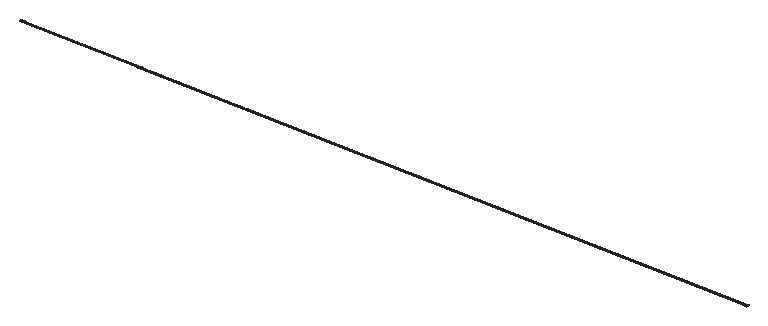
Revit family "0068172", category Lighting Fixtures, host Face, Revit 2017
Family settings
  Host = Face
  Round Connector Dimension = Use Diameter
  Part Type = Normal
  OmniClass Number = 23.80.70.00
  OmniClass Title = Lighting
  Cut with Voids When Loaded = No
  Light Source = Yes
  Shared = No
  Room Calculation Point = No
Parameters (values of type "0068172 FLEX PRO IP65 2250LM 930")
  Weight = "4.0 kg"
  Wattage Comments = ""
  Wattage = 24 W
  WarrantyStartDate [instance] = "n/a"
  WarrantyGuarantorParts = "n/a"
  WarrantyDurationUnit = "n/a"
  WarrantyDurationParts = "n/a"
  WarrantyDescription = "n/a"
  built-in parameter 1150110 = 1 (stored number, unit not read)
  Voltage = 0 V
  URL = "http://www.sylvania-lighting.com"
  TypeName = "Flex Pro IP65 2250lm 930"
  Type Image = <None>
  Type Comments = "n/a"
  built-in parameter 1114217 = 1 (stored number, unit not read)
  Tilt Angle = -90.00°
  built-in parameter 1150109 = 1 (stored number, unit not read)
  built-in parameter 1150134 = (empty or 0)
  built-in parameter 1150113 = 1 (stored number, unit not read)
  SerialNumber [instance] = "n/a"
  Photometric Web File = "0068172.ies"
  PHOTOMETRY3_SYL = 0 mm
  PHOTOMETRY2_SYL = LUM_WIDTH_SYL  # 4 mm
  PHOTOMETRY1_SYL = LUM_LENGHT_SYL / 2  # 2505 mm
  Material_3_SYL = Default New Material(1)
  PowerFactor = 0
  PowerConsumption = "24 W"
  NominalLength = 5000 mm
  NominalHeight = 4 mm
  NominalDepth = 10 mm
  Name = "Flex Pro IP65 2250lm 930"
  ModelReference = Name  # "Flex Pro IP65 2250lm 930"
  ModelNumber = "0068172"
  Model = Name  # "Flex Pro IP65 2250lm 930"
  Material = "other housing"
  ManufacturerName = "Feilo Sylvania"
  Manufacturer = "Feilo Sylvania"
  LuminousEfficacy = "94 lm/W"
  built-in parameter 1150105 = 179.53 (stored number, unit not read)
  Lumens = 2256 lm
  LuminaireType = ""
  built-in parameter 1150115 = 1 (stored number, unit not read)
  LightOutputRatio = "n/a"
  built-in parameter 1150137 = (empty or 0)
  built-in parameter 1150139 = (empty or 0)
  LampsType = Lamp  # "LED"
  LampNominalLuminous = "2250 lm"
  LampMacAdamStep = "n/a"
  LampColourTemperature = "3000 K"
  LampColourRenderingIndex = "90"
  built-in parameter 1150112 = 1 (stored number, unit not read)
  built-in parameter 1150114 = 1 (stored number, unit not read)
  Lamp = "LED"
  LUM__CAP_SYL = 5 mm
  LUM_WIDTH_SYL = 4 mm
  LUM_PROT_SYL = 5 mm
  LUM_LENGHT_SYL!!!! = "(LUM_LENGHT_SYL-10), MUST BE DIVISIBLE WITH 100"
  LUM_LENGHT_SYL = 5010 mm  # constant formula
  LUM_CAD_W_SYL = 6 mm
  LED_DIST_SYL = 16.6 mm
  LED_DIST1_SYL = 10.6 mm
  LED_CH_S_WIDTH_SYL = 1.5 mm
  LED_CH_S_DEPTH_SYL = 1 mm
  LED_CH_L_WIDTH_SYL = 1.7 mm
  LED_CH_L_DEPTH_SYL = 1.4 mm
  LED_2_DIST_SYL = 33.2 mm
  Keynote = "16500"
  InstallationDate [instance] = "n/a"
  InputVoltage = "n/a"
  InputNominalFrequency = "n/a"
  built-in parameter 1150132 = (empty or 0)
  built-in parameter 1150102 = (empty or 0)
  built-in parameter 1150107 = 3000 (stored number, unit not read)
  built-in parameter 1150138 = (empty or 0)
  IngressProtection = "IP65"
  ImpactProtectionIndex = "IK00"
  built-in parameter 1150106 = 1.7953 (stored number, unit not read)
  IfcExportType = "IfcLightFixtureType"
  IfcExportAs = "IfcLightFixtureType"
  Emit from Circle Diameter = 609.6 mm
  Emit Shape Visible in Rendering = no
  ElectricShockClassification = "Class III"
  built-in parameter 1150104 = 8.7329 (stored number, unit not read)
  DocumentationLiterature = "http://www.sylvania-lighting.com/product/en-int/products/0068172"
  DimmingControlOptions = "n/a"
  Material_2_SYL = Default
  Dimming Lamp Color Temperature Shift = <None>
  Description = ""
  Default Elevation = 1219.2 mm
  CreatedOn = "10/16/2020"
  CreatedBy = "@sylvania-lighting.com"
  Cost = 0
  Color Filter = 16777215
  built-in parameter 1114216 [instance] = (empty or 0)
  ClassificationValue = "EF_70_80"
  ClassificationName = "Uniclass2015"
  Material_1_SYL = Default New Material
  CABLE_LENGHT_SYL = 995 mm
  CABLE_FIX_SYL = 1 mm
  CABLE_END_SYL = 15 mm
  CABLE_DIST_SYL = 1.5 mm
  CABLE_DIST2_SYL = 1.5 mm
  CABLE_BLEND_SYL = 10 mm
  BarCode [instance] = "n/a"
  built-in parameter 1114218 = 1 (stored number, unit not read)
  built-in parameter 1150133 = 10 (stored number, unit not read)
  AssetType = "Fixed"
  AssetIdentifier [instance] = "n/a"
  Assembly Code = "D5020200"
  Apparent Load = 24 VA
  Material_4_SYL = none
Reference planes
  plane 1 "Center (Front/Back)": y = 0
  plane 2: z = 0
  plane 3 "Center (Left/Right)": x = 0
  plane 4: x = 5010
  plane 5: y = 4
  plane 6: y = -4
  plane 7: x = -995
  plane 8: x = -10
  plane 9: x = -980
  plane 10: y = 1.5
  plane 11: y = -1.5
  plane 12: y = 2.5
  plane 13: y = -2.5
  plane 14: x = 10.6
  plane 15: x = 27.2
  plane 16: x = 43.8
  plane 17: x = 60.4
  plane 18: x = 77
  plane 19: x = 93.6
  plane 20: y = 1.7
  plane 21: y = -1.7
  plane 22: x = 12
  plane 23: x = 9.2
  plane 24: x = 28.6
  plane 25: x = 25.8
  plane 26: x = 45.2
  plane 27: x = 42.4
  plane 28: x = 59
  plane 29: x = 61.8
  plane 30: x = 75.6
  plane 31: x = 78.4
  plane 32: x = 95
  plane 33: x = 92.2
  plane 34: x = 18.9
  plane 35: x = 35.5
  plane 36: x = 68.7
  plane 37: x = 85.3
  plane 38: x = 19.9
  plane 39: x = 17.9
  plane 40: x = 34.5
  plane 41: x = 36.5
  plane 42: x = 69.7
  plane 43: x = 67.7
  plane 44: x = 84.3
  plane 45: x = 86.3
  plane 46: y = 1.5
  plane 47: y = -1.5
  plane 48: x = -5
  plane 49: x = 5015
  plane 50: x = 5
  plane 51: x = 5005
  plane 52: y = 6
  plane 53: y = -6
  plane 54: y = 5
  plane 55: y = -5
Forms (mm)
  Extrusion 1, solid, material "Default New Material" <- "Material_1_SYL"
    sketch origin (0, 0, 0) x (1, 0, 0) y (0, 1, 0)
      loop
        line (0, 4) -> (0, -4) -> (5010, -4) -> (5010, 4) -> (0, 4)
    from -0.9 to -1.2
  Sweep 2, solid, material "Default" <- "Material_2_SYL"
    path origin (0, 0, 0) x (1, 0, 0) y (0, 1, 0)
      loop
        line (-5, 1.5) -> (-980, 1.5)
    profile origin (-492.5, 1.5, 0) x (0, -1, 0) y (0, 0, 1)
      loop
        circle (0, 0) r 1.399
  Sweep 3, solid, material "Default" <- "Material_2_SYL"
    path origin (0, 0, 0) x (1, 0, 0) y (0, 1, 0)
      loop
        line (-5, -1.5) -> (-980, -1.5)
    profile origin (-492.5, -1.5, 0) x (0, -1, 0) y (0, 0, 1)
      loop
        circle (0, 0) r 1.353
  Revolve 4, solid
    sketch origin (0, 0, 0) x (1, 0, 0) y (0, 1, 0)
      loop
        line (-980, 1.5) -> (-980, 2.5) -> (-995, 2.5) -> (-995, 1.5) -> (-980, 1.5)
      axis (-980, 1.5) -> (-995, 1.5)
    angle from 360 to 0
  Revolve 5, solid
    sketch origin (0, 0, 0) x (1, 0, 0) y (0, 1, 0)
      loop
        line (-980, -1.5) -> (-995, -1.5) -> (-995, -2.5) -> (-980, -2.5) -> (-980, -1.5)
      axis (-980, -1.5) -> (-995, -1.5)
    angle from 360 to 0
  Extrusion 6, solid
    sketch origin (0, 0, 0) x (1, 0, 0) y (0, 1, 0)
      loop
        line (9.2, 1.7) -> (9.2, -1.7) -> (12, -1.7) -> (12, 1.7) -> (9.2, 1.7)
      loop
        line (25.8, 1.7) -> (25.8, -1.7) -> (28.6, -1.7) -> (28.6, 1.7) -> (25.8, 1.7)
      loop
        line (42.4, 1.7) -> (42.4, -1.7) -> (45.2, -1.7) -> (45.2, 1.7) -> (42.4, 1.7)
      loop
        line (59, 1.7) -> (59, -1.7) -> (61.8, -1.7) -> (61.8, 1.7) -> (59, 1.7)
      loop
        line (75.6, -1.7) -> (78.4, -1.7) -> (78.4, 1.7) -> (75.6, 1.7) -> (75.6, -1.7)
      loop
        line (92.2, 1.7) -> (92.2, -1.7) -> (95, -1.7) -> (95, 1.7) -> (92.2, 1.7)
    from 0 to -1.2
  Extrusion 7, solid
    sketch origin (4898, 0, 0) x (1, 0, 0) y (0, 1, 0)
      loop
        line (9.2, 1.7) -> (9.2, -1.7) -> (12, -1.7) -> (12, 1.7) -> (9.2, 1.7)
      loop
        line (25.8, 1.7) -> (25.8, -1.7) -> (28.6, -1.7) -> (28.6, 1.7) -> (25.8, 1.7)
      loop
        line (42.4, 1.7) -> (42.4, -1.7) -> (45.2, -1.7) -> (45.2, 1.7) -> (42.4, 1.7)
      loop
        line (59, 1.7) -> (59, -1.7) -> (61.8, -1.7) -> (61.8, 1.7) -> (59, 1.7)
      loop
        line (75.6, -1.7) -> (78.4, -1.7) -> (78.4, 1.7) -> (75.6, 1.7) -> (75.6, -1.7)
      loop
        line (92.2, 1.7) -> (92.2, -1.7) -> (95, -1.7) -> (95, 1.7) -> (92.2, 1.7)
    from 0 to -1.2
  Extrusion 8, solid
    sketch origin (99.959, 0, 0) x (1, 0, 0) y (0, 1, 0)
      loop
        line (9.2, 1.7) -> (9.2, -1.7) -> (12, -1.7) -> (12, 1.7) -> (9.2, 1.7)
      loop
        line (25.8, 1.7) -> (25.8, -1.7) -> (28.6, -1.7) -> (28.6, 1.7) -> (25.8, 1.7)
      loop
        line (42.4, 1.7) -> (42.4, -1.7) -> (45.2, -1.7) -> (45.2, 1.7) -> (42.4, 1.7)
      loop
        line (59, 1.7) -> (59, -1.7) -> (61.8, -1.7) -> (61.8, 1.7) -> (59, 1.7)
      loop
        line (75.6, -1.7) -> (78.4, -1.7) -> (78.4, 1.7) -> (75.6, 1.7) -> (75.6, -1.7)
      loop
        line (92.2, 1.7) -> (92.2, -1.7) -> (95, -1.7) -> (95, 1.7) -> (92.2, 1.7)
    from 0 to -1.2
  Extrusion 9, solid
    sketch origin (199.918, 0, 0) x (1, 0, 0) y (0, 1, 0)
      loop
        line (9.2, 1.7) -> (9.2, -1.7) -> (12, -1.7) -> (12, 1.7) -> (9.2, 1.7)
      loop
        line (25.8, 1.7) -> (25.8, -1.7) -> (28.6, -1.7) -> (28.6, 1.7) -> (25.8, 1.7)
      loop
        line (42.4, 1.7) -> (42.4, -1.7) -> (45.2, -1.7) -> (45.2, 1.7) -> (42.4, 1.7)
      loop
        line (59, 1.7) -> (59, -1.7) -> (61.8, -1.7) -> (61.8, 1.7) -> (59, 1.7)
      loop
        line (75.6, -1.7) -> (78.4, -1.7) -> (78.4, 1.7) -> (75.6, 1.7) -> (75.6, -1.7)
      loop
        line (92.2, 1.7) -> (92.2, -1.7) -> (95, -1.7) -> (95, 1.7) -> (92.2, 1.7)
    from 0 to -1.2
  Extrusion 10, solid
    sketch origin (299.878, 0, 0) x (1, 0, 0) y (0, 1, 0)
      loop
        line (9.2, 1.7) -> (9.2, -1.7) -> (12, -1.7) -> (12, 1.7) -> (9.2, 1.7)
      loop
        line (25.8, 1.7) -> (25.8, -1.7) -> (28.6, -1.7) -> (28.6, 1.7) -> (25.8, 1.7)
      loop
        line (42.4, 1.7) -> (42.4, -1.7) -> (45.2, -1.7) -> (45.2, 1.7) -> (42.4, 1.7)
      loop
        line (59, 1.7) -> (59, -1.7) -> (61.8, -1.7) -> (61.8, 1.7) -> (59, 1.7)
      loop
        line (75.6, -1.7) -> (78.4, -1.7) -> (78.4, 1.7) -> (75.6, 1.7) -> (75.6, -1.7)
      loop
        line (92.2, 1.7) -> (92.2, -1.7) -> (95, -1.7) -> (95, 1.7) -> (92.2, 1.7)
    from 0 to -1.2
  Extrusion 11, solid
    sketch origin (399.837, 0, 0) x (1, 0, 0) y (0, 1, 0)
      loop
        line (9.2, 1.7) -> (9.2, -1.7) -> (12, -1.7) -> (12, 1.7) -> (9.2, 1.7)
      loop
        line (25.8, 1.7) -> (25.8, -1.7) -> (28.6, -1.7) -> (28.6, 1.7) -> (25.8, 1.7)
      loop
        line (42.4, 1.7) -> (42.4, -1.7) -> (45.2, -1.7) -> (45.2, 1.7) -> (42.4, 1.7)
      loop
        line (59, 1.7) -> (59, -1.7) -> (61.8, -1.7) -> (61.8, 1.7) -> (59, 1.7)
      loop
        line (75.6, -1.7) -> (78.4, -1.7) -> (78.4, 1.7) -> (75.6, 1.7) -> (75.6, -1.7)
      loop
        line (92.2, 1.7) -> (92.2, -1.7) -> (95, -1.7) -> (95, 1.7) -> (92.2, 1.7)
    from 0 to -1.2
  Extrusion 12, solid
    sketch origin (499.796, 0, 0) x (1, 0, 0) y (0, 1, 0)
      loop
        line (9.2, 1.7) -> (9.2, -1.7) -> (12, -1.7) -> (12, 1.7) -> (9.2, 1.7)
      loop
        line (25.8, 1.7) -> (25.8, -1.7) -> (28.6, -1.7) -> (28.6, 1.7) -> (25.8, 1.7)
      loop
        line (42.4, 1.7) -> (42.4, -1.7) -> (45.2, -1.7) -> (45.2, 1.7) -> (42.4, 1.7)
      loop
        line (59, 1.7) -> (59, -1.7) -> (61.8, -1.7) -> (61.8, 1.7) -> (59, 1.7)
      loop
        line (75.6, -1.7) -> (78.4, -1.7) -> (78.4, 1.7) -> (75.6, 1.7) -> (75.6, -1.7)
      loop
        line (92.2, 1.7) -> (92.2, -1.7) -> (95, -1.7) -> (95, 1.7) -> (92.2, 1.7)
    from 0 to -1.2
  Extrusion 13, solid
    sketch origin (599.755, 0, 0) x (1, 0, 0) y (0, 1, 0)
      loop
        line (9.2, 1.7) -> (9.2, -1.7) -> (12, -1.7) -> (12, 1.7) -> (9.2, 1.7)
      loop
        line (25.8, 1.7) -> (25.8, -1.7) -> (28.6, -1.7) -> (28.6, 1.7) -> (25.8, 1.7)
      loop
        line (42.4, 1.7) -> (42.4, -1.7) -> (45.2, -1.7) -> (45.2, 1.7) -> (42.4, 1.7)
      loop
        line (59, 1.7) -> (59, -1.7) -> (61.8, -1.7) -> (61.8, 1.7) -> (59, 1.7)
      loop
        line (75.6, -1.7) -> (78.4, -1.7) -> (78.4, 1.7) -> (75.6, 1.7) -> (75.6, -1.7)
      loop
        line (92.2, 1.7) -> (92.2, -1.7) -> (95, -1.7) -> (95, 1.7) -> (92.2, 1.7)
    from 0 to -1.2
  Extrusion 14, solid
    sketch origin (699.714, 0, 0) x (1, 0, 0) y (0, 1, 0)
      loop
        line (9.2, 1.7) -> (9.2, -1.7) -> (12, -1.7) -> (12, 1.7) -> (9.2, 1.7)
      loop
        line (25.8, 1.7) -> (25.8, -1.7) -> (28.6, -1.7) -> (28.6, 1.7) -> (25.8, 1.7)
      loop
        line (42.4, 1.7) -> (42.4, -1.7) -> (45.2, -1.7) -> (45.2, 1.7) -> (42.4, 1.7)
      loop
        line (59, 1.7) -> (59, -1.7) -> (61.8, -1.7) -> (61.8, 1.7) -> (59, 1.7)
      loop
        line (75.6, -1.7) -> (78.4, -1.7) -> (78.4, 1.7) -> (75.6, 1.7) -> (75.6, -1.7)
      loop
        line (92.2, 1.7) -> (92.2, -1.7) -> (95, -1.7) -> (95, 1.7) -> (92.2, 1.7)
    from 0 to -1.2
  Extrusion 15, solid
    sketch origin (799.673, 0, 0) x (1, 0, 0) y (0, 1, 0)
      loop
        line (9.2, 1.7) -> (9.2, -1.7) -> (12, -1.7) -> (12, 1.7) -> (9.2, 1.7)
      loop
        line (25.8, 1.7) -> (25.8, -1.7) -> (28.6, -1.7) -> (28.6, 1.7) -> (25.8, 1.7)
      loop
        line (42.4, 1.7) -> (42.4, -1.7) -> (45.2, -1.7) -> (45.2, 1.7) -> (42.4, 1.7)
      loop
        line (59, 1.7) -> (59, -1.7) -> (61.8, -1.7) -> (61.8, 1.7) -> (59, 1.7)
      loop
        line (75.6, -1.7) -> (78.4, -1.7) -> (78.4, 1.7) -> (75.6, 1.7) -> (75.6, -1.7)
      loop
        line (92.2, 1.7) -> (92.2, -1.7) -> (95, -1.7) -> (95, 1.7) -> (92.2, 1.7)
    from 0 to -1.2
  Extrusion 16, solid
    sketch origin (899.633, 0, 0) x (1, 0, 0) y (0, 1, 0)
      loop
        line (9.2, 1.7) -> (9.2, -1.7) -> (12, -1.7) -> (12, 1.7) -> (9.2, 1.7)
      loop
        line (25.8, 1.7) -> (25.8, -1.7) -> (28.6, -1.7) -> (28.6, 1.7) -> (25.8, 1.7)
      loop
        line (42.4, 1.7) -> (42.4, -1.7) -> (45.2, -1.7) -> (45.2, 1.7) -> (42.4, 1.7)
      loop
        line (59, 1.7) -> (59, -1.7) -> (61.8, -1.7) -> (61.8, 1.7) -> (59, 1.7)
      loop
        line (75.6, -1.7) -> (78.4, -1.7) -> (78.4, 1.7) -> (75.6, 1.7) -> (75.6, -1.7)
      loop
        line (92.2, 1.7) -> (92.2, -1.7) -> (95, -1.7) -> (95, 1.7) -> (92.2, 1.7)
    from 0 to -1.2
  Extrusion 17, solid
    sketch origin (999.592, 0, 0) x (1, 0, 0) y (0, 1, 0)
      loop
        line (9.2, 1.7) -> (9.2, -1.7) -> (12, -1.7) -> (12, 1.7) -> (9.2, 1.7)
      loop
        line (25.8, 1.7) -> (25.8, -1.7) -> (28.6, -1.7) -> (28.6, 1.7) -> (25.8, 1.7)
      loop
        line (42.4, 1.7) -> (42.4, -1.7) -> (45.2, -1.7) -> (45.2, 1.7) -> (42.4, 1.7)
      loop
        line (59, 1.7) -> (59, -1.7) -> (61.8, -1.7) -> (61.8, 1.7) -> (59, 1.7)
      loop
        line (75.6, -1.7) -> (78.4, -1.7) -> (78.4, 1.7) -> (75.6, 1.7) -> (75.6, -1.7)
      loop
        line (92.2, 1.7) -> (92.2, -1.7) -> (95, -1.7) -> (95, 1.7) -> (92.2, 1.7)
    from 0 to -1.2
  Extrusion 18, solid
    sketch origin (1099.551, 0, 0) x (1, 0, 0) y (0, 1, 0)
      loop
        line (9.2, 1.7) -> (9.2, -1.7) -> (12, -1.7) -> (12, 1.7) -> (9.2, 1.7)
      loop
        line (25.8, 1.7) -> (25.8, -1.7) -> (28.6, -1.7) -> (28.6, 1.7) -> (25.8, 1.7)
      loop
        line (42.4, 1.7) -> (42.4, -1.7) -> (45.2, -1.7) -> (45.2, 1.7) -> (42.4, 1.7)
      loop
        line (59, 1.7) -> (59, -1.7) -> (61.8, -1.7) -> (61.8, 1.7) -> (59, 1.7)
      loop
        line (75.6, -1.7) -> (78.4, -1.7) -> (78.4, 1.7) -> (75.6, 1.7) -> (75.6, -1.7)
      loop
        line (92.2, 1.7) -> (92.2, -1.7) -> (95, -1.7) -> (95, 1.7) -> (92.2, 1.7)
    from 0 to -1.2
  Extrusion 19, solid
    sketch origin (1199.51, 0, 0) x (1, 0, 0) y (0, 1, 0)
      loop
        line (9.2, 1.7) -> (9.2, -1.7) -> (12, -1.7) -> (12, 1.7) -> (9.2, 1.7)
      loop
        line (25.8, 1.7) -> (25.8, -1.7) -> (28.6, -1.7) -> (28.6, 1.7) -> (25.8, 1.7)
      loop
        line (42.4, 1.7) -> (42.4, -1.7) -> (45.2, -1.7) -> (45.2, 1.7) -> (42.4, 1.7)
      loop
        line (59, 1.7) -> (59, -1.7) -> (61.8, -1.7) -> (61.8, 1.7) -> (59, 1.7)
      loop
        line (75.6, -1.7) -> (78.4, -1.7) -> (78.4, 1.7) -> (75.6, 1.7) -> (75.6, -1.7)
      loop
        line (92.2, 1.7) -> (92.2, -1.7) -> (95, -1.7) -> (95, 1.7) -> (92.2, 1.7)
    from 0 to -1.2
  Extrusion 20, solid
    sketch origin (1299.469, 0, 0) x (1, 0, 0) y (0, 1, 0)
      loop
        line (9.2, 1.7) -> (9.2, -1.7) -> (12, -1.7) -> (12, 1.7) -> (9.2, 1.7)
      loop
        line (25.8, 1.7) -> (25.8, -1.7) -> (28.6, -1.7) -> (28.6, 1.7) -> (25.8, 1.7)
      loop
        line (42.4, 1.7) -> (42.4, -1.7) -> (45.2, -1.7) -> (45.2, 1.7) -> (42.4, 1.7)
      loop
        line (59, 1.7) -> (59, -1.7) -> (61.8, -1.7) -> (61.8, 1.7) -> (59, 1.7)
      loop
        line (75.6, -1.7) -> (78.4, -1.7) -> (78.4, 1.7) -> (75.6, 1.7) -> (75.6, -1.7)
      loop
        line (92.2, 1.7) -> (92.2, -1.7) -> (95, -1.7) -> (95, 1.7) -> (92.2, 1.7)
    from 0 to -1.2
  Extrusion 21, solid
    sketch origin (1399.429, 0, 0) x (1, 0, 0) y (0, 1, 0)
      loop
        line (9.2, 1.7) -> (9.2, -1.7) -> (12, -1.7) -> (12, 1.7) -> (9.2, 1.7)
      loop
        line (25.8, 1.7) -> (25.8, -1.7) -> (28.6, -1.7) -> (28.6, 1.7) -> (25.8, 1.7)
      loop
        line (42.4, 1.7) -> (42.4, -1.7) -> (45.2, -1.7) -> (45.2, 1.7) -> (42.4, 1.7)
      loop
        line (59, 1.7) -> (59, -1.7) -> (61.8, -1.7) -> (61.8, 1.7) -> (59, 1.7)
      loop
        line (75.6, -1.7) -> (78.4, -1.7) -> (78.4, 1.7) -> (75.6, 1.7) -> (75.6, -1.7)
      loop
        line (92.2, 1.7) -> (92.2, -1.7) -> (95, -1.7) -> (95, 1.7) -> (92.2, 1.7)
    from 0 to -1.2
  Extrusion 22, solid
    sketch origin (1499.388, 0, 0) x (1, 0, 0) y (0, 1, 0)
      loop
        line (9.2, 1.7) -> (9.2, -1.7) -> (12, -1.7) -> (12, 1.7) -> (9.2, 1.7)
      loop
        line (25.8, 1.7) -> (25.8, -1.7) -> (28.6, -1.7) -> (28.6, 1.7) -> (25.8, 1.7)
      loop
        line (42.4, 1.7) -> (42.4, -1.7) -> (45.2, -1.7) -> (45.2, 1.7) -> (42.4, 1.7)
      loop
        line (59, 1.7) -> (59, -1.7) -> (61.8, -1.7) -> (61.8, 1.7) -> (59, 1.7)
      loop
        line (75.6, -1.7) -> (78.4, -1.7) -> (78.4, 1.7) -> (75.6, 1.7) -> (75.6, -1.7)
      loop
        line (92.2, 1.7) -> (92.2, -1.7) -> (95, -1.7) -> (95, 1.7) -> (92.2, 1.7)
    from 0 to -1.2
  Extrusion 23, solid
    sketch origin (1599.347, 0, 0) x (1, 0, 0) y (0, 1, 0)
      loop
        line (9.2, 1.7) -> (9.2, -1.7) -> (12, -1.7) -> (12, 1.7) -> (9.2, 1.7)
      loop
        line (25.8, 1.7) -> (25.8, -1.7) -> (28.6, -1.7) -> (28.6, 1.7) -> (25.8, 1.7)
      loop
        line (42.4, 1.7) -> (42.4, -1.7) -> (45.2, -1.7) -> (45.2, 1.7) -> (42.4, 1.7)
      loop
        line (59, 1.7) -> (59, -1.7) -> (61.8, -1.7) -> (61.8, 1.7) -> (59, 1.7)
      loop
        line (75.6, -1.7) -> (78.4, -1.7) -> (78.4, 1.7) -> (75.6, 1.7) -> (75.6, -1.7)
      loop
        line (92.2, 1.7) -> (92.2, -1.7) -> (95, -1.7) -> (95, 1.7) -> (92.2, 1.7)
    from 0 to -1.2
  Extrusion 24, solid
    sketch origin (1699.306, 0, 0) x (1, 0, 0) y (0, 1, 0)
      loop
        line (9.2, 1.7) -> (9.2, -1.7) -> (12, -1.7) -> (12, 1.7) -> (9.2, 1.7)
      loop
        line (25.8, 1.7) -> (25.8, -1.7) -> (28.6, -1.7) -> (28.6, 1.7) -> (25.8, 1.7)
      loop
        line (42.4, 1.7) -> (42.4, -1.7) -> (45.2, -1.7) -> (45.2, 1.7) -> (42.4, 1.7)
      loop
        line (59, 1.7) -> (59, -1.7) -> (61.8, -1.7) -> (61.8, 1.7) -> (59, 1.7)
      loop
        line (75.6, -1.7) -> (78.4, -1.7) -> (78.4, 1.7) -> (75.6, 1.7) -> (75.6, -1.7)
      loop
        line (92.2, 1.7) -> (92.2, -1.7) -> (95, -1.7) -> (95, 1.7) -> (92.2, 1.7)
    from 0 to -1.2
  Extrusion 25, solid
    sketch origin (1799.265, 0, 0) x (1, 0, 0) y (0, 1, 0)
      loop
        line (9.2, 1.7) -> (9.2, -1.7) -> (12, -1.7) -> (12, 1.7) -> (9.2, 1.7)
      loop
        line (25.8, 1.7) -> (25.8, -1.7) -> (28.6, -1.7) -> (28.6, 1.7) -> (25.8, 1.7)
      loop
        line (42.4, 1.7) -> (42.4, -1.7) -> (45.2, -1.7) -> (45.2, 1.7) -> (42.4, 1.7)
      loop
        line (59, 1.7) -> (59, -1.7) -> (61.8, -1.7) -> (61.8, 1.7) -> (59, 1.7)
      loop
        line (75.6, -1.7) -> (78.4, -1.7) -> (78.4, 1.7) -> (75.6, 1.7) -> (75.6, -1.7)
      loop
        line (92.2, 1.7) -> (92.2, -1.7) -> (95, -1.7) -> (95, 1.7) -> (92.2, 1.7)
    from 0 to -1.2
  Extrusion 26, solid
    sketch origin (1899.224, 0, 0) x (1, 0, 0) y (0, 1, 0)
      loop
        line (9.2, 1.7) -> (9.2, -1.7) -> (12, -1.7) -> (12, 1.7) -> (9.2, 1.7)
      loop
        line (25.8, 1.7) -> (25.8, -1.7) -> (28.6, -1.7) -> (28.6, 1.7) -> (25.8, 1.7)
      loop
        line (42.4, 1.7) -> (42.4, -1.7) -> (45.2, -1.7) -> (45.2, 1.7) -> (42.4, 1.7)
      loop
        line (59, 1.7) -> (59, -1.7) -> (61.8, -1.7) -> (61.8, 1.7) -> (59, 1.7)
      loop
        line (75.6, -1.7) -> (78.4, -1.7) -> (78.4, 1.7) -> (75.6, 1.7) -> (75.6, -1.7)
      loop
        line (92.2, 1.7) -> (92.2, -1.7) -> (95, -1.7) -> (95, 1.7) -> (92.2, 1.7)
    from 0 to -1.2
  Extrusion 27, solid
    sketch origin (1999.184, 0, 0) x (1, 0, 0) y (0, 1, 0)
      loop
        line (9.2, 1.7) -> (9.2, -1.7) -> (12, -1.7) -> (12, 1.7) -> (9.2, 1.7)
      loop
        line (25.8, 1.7) -> (25.8, -1.7) -> (28.6, -1.7) -> (28.6, 1.7) -> (25.8, 1.7)
      loop
        line (42.4, 1.7) -> (42.4, -1.7) -> (45.2, -1.7) -> (45.2, 1.7) -> (42.4, 1.7)
      loop
        line (59, 1.7) -> (59, -1.7) -> (61.8, -1.7) -> (61.8, 1.7) -> (59, 1.7)
      loop
        line (75.6, -1.7) -> (78.4, -1.7) -> (78.4, 1.7) -> (75.6, 1.7) -> (75.6, -1.7)
      loop
        line (92.2, 1.7) -> (92.2, -1.7) -> (95, -1.7) -> (95, 1.7) -> (92.2, 1.7)
    from 0 to -1.2
  Extrusion 28, solid
    sketch origin (2099.143, 0, 0) x (1, 0, 0) y (0, 1, 0)
      loop
        line (9.2, 1.7) -> (9.2, -1.7) -> (12, -1.7) -> (12, 1.7) -> (9.2, 1.7)
      loop
        line (25.8, 1.7) -> (25.8, -1.7) -> (28.6, -1.7) -> (28.6, 1.7) -> (25.8, 1.7)
      loop
        line (42.4, 1.7) -> (42.4, -1.7) -> (45.2, -1.7) -> (45.2, 1.7) -> (42.4, 1.7)
      loop
        line (59, 1.7) -> (59, -1.7) -> (61.8, -1.7) -> (61.8, 1.7) -> (59, 1.7)
      loop
        line (75.6, -1.7) -> (78.4, -1.7) -> (78.4, 1.7) -> (75.6, 1.7) -> (75.6, -1.7)
      loop
        line (92.2, 1.7) -> (92.2, -1.7) -> (95, -1.7) -> (95, 1.7) -> (92.2, 1.7)
    from 0 to -1.2
  Extrusion 29, solid
    sketch origin (2199.102, 0, 0) x (1, 0, 0) y (0, 1, 0)
      loop
        line (9.2, 1.7) -> (9.2, -1.7) -> (12, -1.7) -> (12, 1.7) -> (9.2, 1.7)
      loop
        line (25.8, 1.7) -> (25.8, -1.7) -> (28.6, -1.7) -> (28.6, 1.7) -> (25.8, 1.7)
      loop
        line (42.4, 1.7) -> (42.4, -1.7) -> (45.2, -1.7) -> (45.2, 1.7) -> (42.4, 1.7)
      loop
        line (59, 1.7) -> (59, -1.7) -> (61.8, -1.7) -> (61.8, 1.7) -> (59, 1.7)
      loop
        line (75.6, -1.7) -> (78.4, -1.7) -> (78.4, 1.7) -> (75.6, 1.7) -> (75.6, -1.7)
      loop
        line (92.2, 1.7) -> (92.2, -1.7) -> (95, -1.7) -> (95, 1.7) -> (92.2, 1.7)
    from 0 to -1.2
  Extrusion 30, solid
    sketch origin (2299.061, 0, 0) x (1, 0, 0) y (0, 1, 0)
      loop
        line (9.2, 1.7) -> (9.2, -1.7) -> (12, -1.7) -> (12, 1.7) -> (9.2, 1.7)
      loop
        line (25.8, 1.7) -> (25.8, -1.7) -> (28.6, -1.7) -> (28.6, 1.7) -> (25.8, 1.7)
      loop
        line (42.4, 1.7) -> (42.4, -1.7) -> (45.2, -1.7) -> (45.2, 1.7) -> (42.4, 1.7)
      loop
        line (59, 1.7) -> (59, -1.7) -> (61.8, -1.7) -> (61.8, 1.7) -> (59, 1.7)
      loop
        line (75.6, -1.7) -> (78.4, -1.7) -> (78.4, 1.7) -> (75.6, 1.7) -> (75.6, -1.7)
      loop
        line (92.2, 1.7) -> (92.2, -1.7) -> (95, -1.7) -> (95, 1.7) -> (92.2, 1.7)
    from 0 to -1.2
  Extrusion 31, solid
    sketch origin (2399.02, 0, 0) x (1, 0, 0) y (0, 1, 0)
      loop
        line (9.2, 1.7) -> (9.2, -1.7) -> (12, -1.7) -> (12, 1.7) -> (9.2, 1.7)
      loop
        line (25.8, 1.7) -> (25.8, -1.7) -> (28.6, -1.7) -> (28.6, 1.7) -> (25.8, 1.7)
      loop
        line (42.4, 1.7) -> (42.4, -1.7) -> (45.2, -1.7) -> (45.2, 1.7) -> (42.4, 1.7)
      loop
        line (59, 1.7) -> (59, -1.7) -> (61.8, -1.7) -> (61.8, 1.7) -> (59, 1.7)
      loop
        line (75.6, -1.7) -> (78.4, -1.7) -> (78.4, 1.7) -> (75.6, 1.7) -> (75.6, -1.7)
      loop
        line (92.2, 1.7) -> (92.2, -1.7) -> (95, -1.7) -> (95, 1.7) -> (92.2, 1.7)
    from 0 to -1.2
  Extrusion 32, solid
    sketch origin (2498.98, 0, 0) x (1, 0, 0) y (0, 1, 0)
      loop
        line (9.2, 1.7) -> (9.2, -1.7) -> (12, -1.7) -> (12, 1.7) -> (9.2, 1.7)
      loop
        line (25.8, 1.7) -> (25.8, -1.7) -> (28.6, -1.7) -> (28.6, 1.7) -> (25.8, 1.7)
      loop
        line (42.4, 1.7) -> (42.4, -1.7) -> (45.2, -1.7) -> (45.2, 1.7) -> (42.4, 1.7)
      loop
        line (59, 1.7) -> (59, -1.7) -> (61.8, -1.7) -> (61.8, 1.7) -> (59, 1.7)
      loop
        line (75.6, -1.7) -> (78.4, -1.7) -> (78.4, 1.7) -> (75.6, 1.7) -> (75.6, -1.7)
      loop
        line (92.2, 1.7) -> (92.2, -1.7) -> (95, -1.7) -> (95, 1.7) -> (92.2, 1.7)
    from 0 to -1.2
  Extrusion 33, solid
    sketch origin (2598.939, 0, 0) x (1, 0, 0) y (0, 1, 0)
      loop
        line (9.2, 1.7) -> (9.2, -1.7) -> (12, -1.7) -> (12, 1.7) -> (9.2, 1.7)
      loop
        line (25.8, 1.7) -> (25.8, -1.7) -> (28.6, -1.7) -> (28.6, 1.7) -> (25.8, 1.7)
      loop
        line (42.4, 1.7) -> (42.4, -1.7) -> (45.2, -1.7) -> (45.2, 1.7) -> (42.4, 1.7)
      loop
        line (59, 1.7) -> (59, -1.7) -> (61.8, -1.7) -> (61.8, 1.7) -> (59, 1.7)
      loop
        line (75.6, -1.7) -> (78.4, -1.7) -> (78.4, 1.7) -> (75.6, 1.7) -> (75.6, -1.7)
      loop
        line (92.2, 1.7) -> (92.2, -1.7) -> (95, -1.7) -> (95, 1.7) -> (92.2, 1.7)
    from 0 to -1.2
  Extrusion 34, solid
    sketch origin (2698.898, 0, 0) x (1, 0, 0) y (0, 1, 0)
      loop
        line (9.2, 1.7) -> (9.2, -1.7) -> (12, -1.7) -> (12, 1.7) -> (9.2, 1.7)
      loop
        line (25.8, 1.7) -> (25.8, -1.7) -> (28.6, -1.7) -> (28.6, 1.7) -> (25.8, 1.7)
      loop
        line (42.4, 1.7) -> (42.4, -1.7) -> (45.2, -1.7) -> (45.2, 1.7) -> (42.4, 1.7)
      loop
        line (59, 1.7) -> (59, -1.7) -> (61.8, -1.7) -> (61.8, 1.7) -> (59, 1.7)
      loop
        line (75.6, -1.7) -> (78.4, -1.7) -> (78.4, 1.7) -> (75.6, 1.7) -> (75.6, -1.7)
      loop
        line (92.2, 1.7) -> (92.2, -1.7) -> (95, -1.7) -> (95, 1.7) -> (92.2, 1.7)
    from 0 to -1.2
  Extrusion 35, solid
    sketch origin (2798.857, 0, 0) x (1, 0, 0) y (0, 1, 0)
      loop
        line (9.2, 1.7) -> (9.2, -1.7) -> (12, -1.7) -> (12, 1.7) -> (9.2, 1.7)
      loop
        line (25.8, 1.7) -> (25.8, -1.7) -> (28.6, -1.7) -> (28.6, 1.7) -> (25.8, 1.7)
      loop
        line (42.4, 1.7) -> (42.4, -1.7) -> (45.2, -1.7) -> (45.2, 1.7) -> (42.4, 1.7)
      loop
        line (59, 1.7) -> (59, -1.7) -> (61.8, -1.7) -> (61.8, 1.7) -> (59, 1.7)
      loop
        line (75.6, -1.7) -> (78.4, -1.7) -> (78.4, 1.7) -> (75.6, 1.7) -> (75.6, -1.7)
      loop
        line (92.2, 1.7) -> (92.2, -1.7) -> (95, -1.7) -> (95, 1.7) -> (92.2, 1.7)
    from 0 to -1.2
  Extrusion 36, solid
    sketch origin (2898.816, 0, 0) x (1, 0, 0) y (0, 1, 0)
      loop
        line (9.2, 1.7) -> (9.2, -1.7) -> (12, -1.7) -> (12, 1.7) -> (9.2, 1.7)
      loop
        line (25.8, 1.7) -> (25.8, -1.7) -> (28.6, -1.7) -> (28.6, 1.7) -> (25.8, 1.7)
      loop
        line (42.4, 1.7) -> (42.4, -1.7) -> (45.2, -1.7) -> (45.2, 1.7) -> (42.4, 1.7)
      loop
        line (59, 1.7) -> (59, -1.7) -> (61.8, -1.7) -> (61.8, 1.7) -> (59, 1.7)
      loop
        line (75.6, -1.7) -> (78.4, -1.7) -> (78.4, 1.7) -> (75.6, 1.7) -> (75.6, -1.7)
      loop
        line (92.2, 1.7) -> (92.2, -1.7) -> (95, -1.7) -> (95, 1.7) -> (92.2, 1.7)
    from 0 to -1.2
  Extrusion 37, solid
    sketch origin (2998.776, 0, 0) x (1, 0, 0) y (0, 1, 0)
      loop
        line (9.2, 1.7) -> (9.2, -1.7) -> (12, -1.7) -> (12, 1.7) -> (9.2, 1.7)
      loop
        line (25.8, 1.7) -> (25.8, -1.7) -> (28.6, -1.7) -> (28.6, 1.7) -> (25.8, 1.7)
      loop
        line (42.4, 1.7) -> (42.4, -1.7) -> (45.2, -1.7) -> (45.2, 1.7) -> (42.4, 1.7)
      loop
        line (59, 1.7) -> (59, -1.7) -> (61.8, -1.7) -> (61.8, 1.7) -> (59, 1.7)
      loop
        line (75.6, -1.7) -> (78.4, -1.7) -> (78.4, 1.7) -> (75.6, 1.7) -> (75.6, -1.7)
      loop
        line (92.2, 1.7) -> (92.2, -1.7) -> (95, -1.7) -> (95, 1.7) -> (92.2, 1.7)
    from 0 to -1.2
  Extrusion 38, solid
    sketch origin (3098.735, 0, 0) x (1, 0, 0) y (0, 1, 0)
      loop
        line (9.2, 1.7) -> (9.2, -1.7) -> (12, -1.7) -> (12, 1.7) -> (9.2, 1.7)
      loop
        line (25.8, 1.7) -> (25.8, -1.7) -> (28.6, -1.7) -> (28.6, 1.7) -> (25.8, 1.7)
      loop
        line (42.4, 1.7) -> (42.4, -1.7) -> (45.2, -1.7) -> (45.2, 1.7) -> (42.4, 1.7)
      loop
        line (59, 1.7) -> (59, -1.7) -> (61.8, -1.7) -> (61.8, 1.7) -> (59, 1.7)
      loop
        line (75.6, -1.7) -> (78.4, -1.7) -> (78.4, 1.7) -> (75.6, 1.7) -> (75.6, -1.7)
      loop
        line (92.2, 1.7) -> (92.2, -1.7) -> (95, -1.7) -> (95, 1.7) -> (92.2, 1.7)
    from 0 to -1.2
  Extrusion 39, solid
    sketch origin (3198.694, 0, 0) x (1, 0, 0) y (0, 1, 0)
      loop
        line (9.2, 1.7) -> (9.2, -1.7) -> (12, -1.7) -> (12, 1.7) -> (9.2, 1.7)
      loop
        line (25.8, 1.7) -> (25.8, -1.7) -> (28.6, -1.7) -> (28.6, 1.7) -> (25.8, 1.7)
      loop
        line (42.4, 1.7) -> (42.4, -1.7) -> (45.2, -1.7) -> (45.2, 1.7) -> (42.4, 1.7)
      loop
        line (59, 1.7) -> (59, -1.7) -> (61.8, -1.7) -> (61.8, 1.7) -> (59, 1.7)
      loop
        line (75.6, -1.7) -> (78.4, -1.7) -> (78.4, 1.7) -> (75.6, 1.7) -> (75.6, -1.7)
      loop
        line (92.2, 1.7) -> (92.2, -1.7) -> (95, -1.7) -> (95, 1.7) -> (92.2, 1.7)
    from 0 to -1.2
  Extrusion 40, solid
    sketch origin (3298.653, 0, 0) x (1, 0, 0) y (0, 1, 0)
      loop
        line (9.2, 1.7) -> (9.2, -1.7) -> (12, -1.7) -> (12, 1.7) -> (9.2, 1.7)
      loop
        line (25.8, 1.7) -> (25.8, -1.7) -> (28.6, -1.7) -> (28.6, 1.7) -> (25.8, 1.7)
      loop
        line (42.4, 1.7) -> (42.4, -1.7) -> (45.2, -1.7) -> (45.2, 1.7) -> (42.4, 1.7)
      loop
        line (59, 1.7) -> (59, -1.7) -> (61.8, -1.7) -> (61.8, 1.7) -> (59, 1.7)
      loop
        line (75.6, -1.7) -> (78.4, -1.7) -> (78.4, 1.7) -> (75.6, 1.7) -> (75.6, -1.7)
      loop
        line (92.2, 1.7) -> (92.2, -1.7) -> (95, -1.7) -> (95, 1.7) -> (92.2, 1.7)
    from 0 to -1.2
  Extrusion 41, solid
    sketch origin (3398.612, 0, 0) x (1, 0, 0) y (0, 1, 0)
      loop
        line (9.2, 1.7) -> (9.2, -1.7) -> (12, -1.7) -> (12, 1.7) -> (9.2, 1.7)
      loop
        line (25.8, 1.7) -> (25.8, -1.7) -> (28.6, -1.7) -> (28.6, 1.7) -> (25.8, 1.7)
      loop
        line (42.4, 1.7) -> (42.4, -1.7) -> (45.2, -1.7) -> (45.2, 1.7) -> (42.4, 1.7)
      loop
        line (59, 1.7) -> (59, -1.7) -> (61.8, -1.7) -> (61.8, 1.7) -> (59, 1.7)
      loop
        line (75.6, -1.7) -> (78.4, -1.7) -> (78.4, 1.7) -> (75.6, 1.7) -> (75.6, -1.7)
      loop
        line (92.2, 1.7) -> (92.2, -1.7) -> (95, -1.7) -> (95, 1.7) -> (92.2, 1.7)
    from 0 to -1.2
  Extrusion 42, solid
    sketch origin (3498.571, 0, 0) x (1, 0, 0) y (0, 1, 0)
      loop
        line (9.2, 1.7) -> (9.2, -1.7) -> (12, -1.7) -> (12, 1.7) -> (9.2, 1.7)
      loop
        line (25.8, 1.7) -> (25.8, -1.7) -> (28.6, -1.7) -> (28.6, 1.7) -> (25.8, 1.7)
      loop
        line (42.4, 1.7) -> (42.4, -1.7) -> (45.2, -1.7) -> (45.2, 1.7) -> (42.4, 1.7)
      loop
        line (59, 1.7) -> (59, -1.7) -> (61.8, -1.7) -> (61.8, 1.7) -> (59, 1.7)
      loop
        line (75.6, -1.7) -> (78.4, -1.7) -> (78.4, 1.7) -> (75.6, 1.7) -> (75.6, -1.7)
      loop
        line (92.2, 1.7) -> (92.2, -1.7) -> (95, -1.7) -> (95, 1.7) -> (92.2, 1.7)
    from 0 to -1.2
  Extrusion 43, solid
    sketch origin (3598.531, 0, 0) x (1, 0, 0) y (0, 1, 0)
      loop
        line (9.2, 1.7) -> (9.2, -1.7) -> (12, -1.7) -> (12, 1.7) -> (9.2, 1.7)
      loop
        line (25.8, 1.7) -> (25.8, -1.7) -> (28.6, -1.7) -> (28.6, 1.7) -> (25.8, 1.7)
      loop
        line (42.4, 1.7) -> (42.4, -1.7) -> (45.2, -1.7) -> (45.2, 1.7) -> (42.4, 1.7)
      loop
        line (59, 1.7) -> (59, -1.7) -> (61.8, -1.7) -> (61.8, 1.7) -> (59, 1.7)
      loop
        line (75.6, -1.7) -> (78.4, -1.7) -> (78.4, 1.7) -> (75.6, 1.7) -> (75.6, -1.7)
      loop
        line (92.2, 1.7) -> (92.2, -1.7) -> (95, -1.7) -> (95, 1.7) -> (92.2, 1.7)
    from 0 to -1.2
  Extrusion 44, solid
    sketch origin (3698.49, 0, 0) x (1, 0, 0) y (0, 1, 0)
      loop
        line (9.2, 1.7) -> (9.2, -1.7) -> (12, -1.7) -> (12, 1.7) -> (9.2, 1.7)
      loop
        line (25.8, 1.7) -> (25.8, -1.7) -> (28.6, -1.7) -> (28.6, 1.7) -> (25.8, 1.7)
      loop
        line (42.4, 1.7) -> (42.4, -1.7) -> (45.2, -1.7) -> (45.2, 1.7) -> (42.4, 1.7)
      loop
        line (59, 1.7) -> (59, -1.7) -> (61.8, -1.7) -> (61.8, 1.7) -> (59, 1.7)
      loop
        line (75.6, -1.7) -> (78.4, -1.7) -> (78.4, 1.7) -> (75.6, 1.7) -> (75.6, -1.7)
      loop
        line (92.2, 1.7) -> (92.2, -1.7) -> (95, -1.7) -> (95, 1.7) -> (92.2, 1.7)
    from 0 to -1.2
  Extrusion 45, solid
    sketch origin (3798.449, 0, 0) x (1, 0, 0) y (0, 1, 0)
      loop
        line (9.2, 1.7) -> (9.2, -1.7) -> (12, -1.7) -> (12, 1.7) -> (9.2, 1.7)
      loop
        line (25.8, 1.7) -> (25.8, -1.7) -> (28.6, -1.7) -> (28.6, 1.7) -> (25.8, 1.7)
      loop
        line (42.4, 1.7) -> (42.4, -1.7) -> (45.2, -1.7) -> (45.2, 1.7) -> (42.4, 1.7)
      loop
        line (59, 1.7) -> (59, -1.7) -> (61.8, -1.7) -> (61.8, 1.7) -> (59, 1.7)
      loop
        line (75.6, -1.7) -> (78.4, -1.7) -> (78.4, 1.7) -> (75.6, 1.7) -> (75.6, -1.7)
      loop
        line (92.2, 1.7) -> (92.2, -1.7) -> (95, -1.7) -> (95, 1.7) -> (92.2, 1.7)
    from 0 to -1.2
  Extrusion 46, solid
    sketch origin (3898.408, 0, 0) x (1, 0, 0) y (0, 1, 0)
      loop
        line (9.2, 1.7) -> (9.2, -1.7) -> (12, -1.7) -> (12, 1.7) -> (9.2, 1.7)
      loop
        line (25.8, 1.7) -> (25.8, -1.7) -> (28.6, -1.7) -> (28.6, 1.7) -> (25.8, 1.7)
      loop
        line (42.4, 1.7) -> (42.4, -1.7) -> (45.2, -1.7) -> (45.2, 1.7) -> (42.4, 1.7)
      loop
        line (59, 1.7) -> (59, -1.7) -> (61.8, -1.7) -> (61.8, 1.7) -> (59, 1.7)
      loop
        line (75.6, -1.7) -> (78.4, -1.7) -> (78.4, 1.7) -> (75.6, 1.7) -> (75.6, -1.7)
      loop
        line (92.2, 1.7) -> (92.2, -1.7) -> (95, -1.7) -> (95, 1.7) -> (92.2, 1.7)
    from 0 to -1.2
  Extrusion 47, solid
    sketch origin (3998.367, 0, 0) x (1, 0, 0) y (0, 1, 0)
      loop
        line (9.2, 1.7) -> (9.2, -1.7) -> (12, -1.7) -> (12, 1.7) -> (9.2, 1.7)
      loop
        line (25.8, 1.7) -> (25.8, -1.7) -> (28.6, -1.7) -> (28.6, 1.7) -> (25.8, 1.7)
      loop
        line (42.4, 1.7) -> (42.4, -1.7) -> (45.2, -1.7) -> (45.2, 1.7) -> (42.4, 1.7)
      loop
        line (59, 1.7) -> (59, -1.7) -> (61.8, -1.7) -> (61.8, 1.7) -> (59, 1.7)
      loop
        line (75.6, -1.7) -> (78.4, -1.7) -> (78.4, 1.7) -> (75.6, 1.7) -> (75.6, -1.7)
      loop
        line (92.2, 1.7) -> (92.2, -1.7) -> (95, -1.7) -> (95, 1.7) -> (92.2, 1.7)
    from 0 to -1.2
  Extrusion 48, solid
    sketch origin (4098.327, 0, 0) x (1, 0, 0) y (0, 1, 0)
      loop
        line (9.2, 1.7) -> (9.2, -1.7) -> (12, -1.7) -> (12, 1.7) -> (9.2, 1.7)
      loop
        line (25.8, 1.7) -> (25.8, -1.7) -> (28.6, -1.7) -> (28.6, 1.7) -> (25.8, 1.7)
      loop
        line (42.4, 1.7) -> (42.4, -1.7) -> (45.2, -1.7) -> (45.2, 1.7) -> (42.4, 1.7)
      loop
        line (59, 1.7) -> (59, -1.7) -> (61.8, -1.7) -> (61.8, 1.7) -> (59, 1.7)
      loop
        line (75.6, -1.7) -> (78.4, -1.7) -> (78.4, 1.7) -> (75.6, 1.7) -> (75.6, -1.7)
      loop
        line (92.2, 1.7) -> (92.2, -1.7) -> (95, -1.7) -> (95, 1.7) -> (92.2, 1.7)
    from 0 to -1.2
  Extrusion 49, solid
    sketch origin (4198.286, 0, 0) x (1, 0, 0) y (0, 1, 0)
      loop
        line (9.2, 1.7) -> (9.2, -1.7) -> (12, -1.7) -> (12, 1.7) -> (9.2, 1.7)
      loop
        line (25.8, 1.7) -> (25.8, -1.7) -> (28.6, -1.7) -> (28.6, 1.7) -> (25.8, 1.7)
      loop
        line (42.4, 1.7) -> (42.4, -1.7) -> (45.2, -1.7) -> (45.2, 1.7) -> (42.4, 1.7)
      loop
        line (59, 1.7) -> (59, -1.7) -> (61.8, -1.7) -> (61.8, 1.7) -> (59, 1.7)
      loop
        line (75.6, -1.7) -> (78.4, -1.7) -> (78.4, 1.7) -> (75.6, 1.7) -> (75.6, -1.7)
      loop
        line (92.2, 1.7) -> (92.2, -1.7) -> (95, -1.7) -> (95, 1.7) -> (92.2, 1.7)
    from 0 to -1.2
  Extrusion 50, solid
    sketch origin (4298.245, 0, 0) x (1, 0, 0) y (0, 1, 0)
      loop
        line (9.2, 1.7) -> (9.2, -1.7) -> (12, -1.7) -> (12, 1.7) -> (9.2, 1.7)
      loop
        line (25.8, 1.7) -> (25.8, -1.7) -> (28.6, -1.7) -> (28.6, 1.7) -> (25.8, 1.7)
      loop
        line (42.4, 1.7) -> (42.4, -1.7) -> (45.2, -1.7) -> (45.2, 1.7) -> (42.4, 1.7)
      loop
        line (59, 1.7) -> (59, -1.7) -> (61.8, -1.7) -> (61.8, 1.7) -> (59, 1.7)
      loop
        line (75.6, -1.7) -> (78.4, -1.7) -> (78.4, 1.7) -> (75.6, 1.7) -> (75.6, -1.7)
      loop
        line (92.2, 1.7) -> (92.2, -1.7) -> (95, -1.7) -> (95, 1.7) -> (92.2, 1.7)
    from 0 to -1.2
  Extrusion 51, solid
    sketch origin (4398.204, 0, 0) x (1, 0, 0) y (0, 1, 0)
      loop
        line (9.2, 1.7) -> (9.2, -1.7) -> (12, -1.7) -> (12, 1.7) -> (9.2, 1.7)
      loop
        line (25.8, 1.7) -> (25.8, -1.7) -> (28.6, -1.7) -> (28.6, 1.7) -> (25.8, 1.7)
      loop
        line (42.4, 1.7) -> (42.4, -1.7) -> (45.2, -1.7) -> (45.2, 1.7) -> (42.4, 1.7)
      loop
        line (59, 1.7) -> (59, -1.7) -> (61.8, -1.7) -> (61.8, 1.7) -> (59, 1.7)
      loop
        line (75.6, -1.7) -> (78.4, -1.7) -> (78.4, 1.7) -> (75.6, 1.7) -> (75.6, -1.7)
      loop
        line (92.2, 1.7) -> (92.2, -1.7) -> (95, -1.7) -> (95, 1.7) -> (92.2, 1.7)
    from 0 to -1.2
  Extrusion 52, solid
    sketch origin (4498.163, 0, 0) x (1, 0, 0) y (0, 1, 0)
      loop
        line (9.2, 1.7) -> (9.2, -1.7) -> (12, -1.7) -> (12, 1.7) -> (9.2, 1.7)
      loop
        line (25.8, 1.7) -> (25.8, -1.7) -> (28.6, -1.7) -> (28.6, 1.7) -> (25.8, 1.7)
      loop
        line (42.4, 1.7) -> (42.4, -1.7) -> (45.2, -1.7) -> (45.2, 1.7) -> (42.4, 1.7)
      loop
        line (59, 1.7) -> (59, -1.7) -> (61.8, -1.7) -> (61.8, 1.7) -> (59, 1.7)
      loop
        line (75.6, -1.7) -> (78.4, -1.7) -> (78.4, 1.7) -> (75.6, 1.7) -> (75.6, -1.7)
      loop
        line (92.2, 1.7) -> (92.2, -1.7) -> (95, -1.7) -> (95, 1.7) -> (92.2, 1.7)
    from 0 to -1.2
  Extrusion 53, solid
    sketch origin (4598.122, 0, 0) x (1, 0, 0) y (0, 1, 0)
      loop
        line (9.2, 1.7) -> (9.2, -1.7) -> (12, -1.7) -> (12, 1.7) -> (9.2, 1.7)
      loop
        line (25.8, 1.7) -> (25.8, -1.7) -> (28.6, -1.7) -> (28.6, 1.7) -> (25.8, 1.7)
      loop
        line (42.4, 1.7) -> (42.4, -1.7) -> (45.2, -1.7) -> (45.2, 1.7) -> (42.4, 1.7)
      loop
        line (59, 1.7) -> (59, -1.7) -> (61.8, -1.7) -> (61.8, 1.7) -> (59, 1.7)
      loop
        line (75.6, -1.7) -> (78.4, -1.7) -> (78.4, 1.7) -> (75.6, 1.7) -> (75.6, -1.7)
      loop
        line (92.2, 1.7) -> (92.2, -1.7) -> (95, -1.7) -> (95, 1.7) -> (92.2, 1.7)
    from 0 to -1.2
  Extrusion 54, solid
    sketch origin (4698.082, 0, 0) x (1, 0, 0) y (0, 1, 0)
      loop
        line (9.2, 1.7) -> (9.2, -1.7) -> (12, -1.7) -> (12, 1.7) -> (9.2, 1.7)
      loop
        line (25.8, 1.7) -> (25.8, -1.7) -> (28.6, -1.7) -> (28.6, 1.7) -> (25.8, 1.7)
      loop
        line (42.4, 1.7) -> (42.4, -1.7) -> (45.2, -1.7) -> (45.2, 1.7) -> (42.4, 1.7)
      loop
        line (59, 1.7) -> (59, -1.7) -> (61.8, -1.7) -> (61.8, 1.7) -> (59, 1.7)
      loop
        line (75.6, -1.7) -> (78.4, -1.7) -> (78.4, 1.7) -> (75.6, 1.7) -> (75.6, -1.7)
      loop
        line (92.2, 1.7) -> (92.2, -1.7) -> (95, -1.7) -> (95, 1.7) -> (92.2, 1.7)
    from 0 to -1.2
  Extrusion 55, solid
    sketch origin (4798.041, 0, 0) x (1, 0, 0) y (0, 1, 0)
      loop
        line (9.2, 1.7) -> (9.2, -1.7) -> (12, -1.7) -> (12, 1.7) -> (9.2, 1.7)
      loop
        line (25.8, 1.7) -> (25.8, -1.7) -> (28.6, -1.7) -> (28.6, 1.7) -> (25.8, 1.7)
      loop
        line (42.4, 1.7) -> (42.4, -1.7) -> (45.2, -1.7) -> (45.2, 1.7) -> (42.4, 1.7)
      loop
        line (59, 1.7) -> (59, -1.7) -> (61.8, -1.7) -> (61.8, 1.7) -> (59, 1.7)
      loop
        line (75.6, -1.7) -> (78.4, -1.7) -> (78.4, 1.7) -> (75.6, 1.7) -> (75.6, -1.7)
      loop
        line (92.2, 1.7) -> (92.2, -1.7) -> (95, -1.7) -> (95, 1.7) -> (92.2, 1.7)
    from 0 to -1.2
  Extrusion 56, solid
    sketch origin (-297.489, 0, 0) x (1, 0, 0) y (0, 1, 0)
      loop
        line (17.9, 1.5) -> (17.9, -1.5) -> (19.9, -1.5) -> (19.9, 1.5) -> (17.9, 1.5)
      loop
        line (34.5, 1.5) -> (34.5, -1.5) -> (36.5, -1.5) -> (36.5, 1.5) -> (34.5, 1.5)
      loop
        line (67.7, 1.5) -> (67.7, -1.5) -> (69.7, -1.5) -> (69.7, 1.5) -> (67.7, 1.5)
      loop
        line (84.3, 1.5) -> (84.3, -1.5) -> (86.3, -1.5) -> (86.3, 1.5) -> (84.3, 1.5)
    from -1.2 to -0.5
  Extrusion 57, solid
    sketch origin (-894.856, 0, 0) x (1, 0, 0) y (0, 1, 0)
      loop
        line (17.9, 1.5) -> (17.9, -1.5) -> (19.9, -1.5) -> (19.9, 1.5) -> (17.9, 1.5)
      loop
        line (34.5, 1.5) -> (34.5, -1.5) -> (36.5, -1.5) -> (36.5, 1.5) -> (34.5, 1.5)
      loop
        line (67.7, 1.5) -> (67.7, -1.5) -> (69.7, -1.5) -> (69.7, 1.5) -> (67.7, 1.5)
      loop
        line (84.3, 1.5) -> (84.3, -1.5) -> (86.3, -1.5) -> (86.3, 1.5) -> (84.3, 1.5)
    from -1.2 to -0.5
  Extrusion 58, solid, material "Default New Material" <- "Material_1_SYL"
    sketch origin (0, 0, 0) x (1, 0, 0) y (0, 1, 0)
      loop
        line (5, 6) -> (-5, 6) -> (-5, -6) -> (5, -6) -> (5, 6)
      loop
        line (5015, -6.029) -> (5015, 5.987) -> (5005, 5.987) -> (5005, -6.029) -> (5015, -6.029)
    from -2.8 to 3.2
  Extrusion 59, solid, material "Default New Material(1)" <- "Material_3_SYL"
    sketch origin (0, 0, 0) x (1, 0, 0) y (0, 1, 0)
      loop
        line (5, 5) -> (5, -5) -> (5005, -5) -> (5005, 5) -> (5, 5)
    from -1.8 to 2.2
  Extrusion 60, solid
    sketch origin (0, 0, 0) x (1, 0, 0) y (0, 1, 0)
      loop
        line (19.9, 1.5) -> (17.9, 1.5) -> (17.9, -1.5) -> (19.9, -1.5) -> (19.9, 1.5)
      loop
        line (34.5, 1.5) -> (34.5, -1.5) -> (36.5, -1.5) -> (36.5, 1.5) -> (34.5, 1.5)
      loop
        line (69.7, 1.5) -> (67.7, 1.5) -> (67.7, -1.5) -> (69.7, -1.5) -> (69.7, 1.5)
      loop
        line (86.3, -1.5) -> (86.3, 1.5) -> (84.3, 1.5) -> (84.3, -1.5) -> (86.3, -1.5)
    from -1.2 to -0.5
  Extrusion 61, solid
    sketch origin (4898, 0, 0) x (1, 0, 0) y (0, 1, 0)
      loop
        line (19.9, 1.5) -> (17.9, 1.5) -> (17.9, -1.5) -> (19.9, -1.5) -> (19.9, 1.5)
      loop
        line (34.5, 1.5) -> (34.5, -1.5) -> (36.5, -1.5) -> (36.5, 1.5) -> (34.5, 1.5)
      loop
        line (69.7, 1.5) -> (67.7, 1.5) -> (67.7, -1.5) -> (69.7, -1.5) -> (69.7, 1.5)
      loop
        line (86.3, -1.5) -> (86.3, 1.5) -> (84.3, 1.5) -> (84.3, -1.5) -> (86.3, -1.5)
    from -1.2 to -0.5
  Extrusion 62, solid
    sketch origin (99.959, 0, 0) x (1, 0, 0) y (0, 1, 0)
      loop
        line (19.9, 1.5) -> (17.9, 1.5) -> (17.9, -1.5) -> (19.9, -1.5) -> (19.9, 1.5)
      loop
        line (34.5, 1.5) -> (34.5, -1.5) -> (36.5, -1.5) -> (36.5, 1.5) -> (34.5, 1.5)
      loop
        line (69.7, 1.5) -> (67.7, 1.5) -> (67.7, -1.5) -> (69.7, -1.5) -> (69.7, 1.5)
      loop
        line (86.3, -1.5) -> (86.3, 1.5) -> (84.3, 1.5) -> (84.3, -1.5) -> (86.3, -1.5)
    from -1.2 to -0.5
  Extrusion 63, solid
    sketch origin (199.918, 0, 0) x (1, 0, 0) y (0, 1, 0)
      loop
        line (19.9, 1.5) -> (17.9, 1.5) -> (17.9, -1.5) -> (19.9, -1.5) -> (19.9, 1.5)
      loop
        line (34.5, 1.5) -> (34.5, -1.5) -> (36.5, -1.5) -> (36.5, 1.5) -> (34.5, 1.5)
      loop
        line (69.7, 1.5) -> (67.7, 1.5) -> (67.7, -1.5) -> (69.7, -1.5) -> (69.7, 1.5)
      loop
        line (86.3, -1.5) -> (86.3, 1.5) -> (84.3, 1.5) -> (84.3, -1.5) -> (86.3, -1.5)
    from -1.2 to -0.5
  Extrusion 64, solid
    sketch origin (299.878, 0, 0) x (1, 0, 0) y (0, 1, 0)
      loop
        line (19.9, 1.5) -> (17.9, 1.5) -> (17.9, -1.5) -> (19.9, -1.5) -> (19.9, 1.5)
      loop
        line (34.5, 1.5) -> (34.5, -1.5) -> (36.5, -1.5) -> (36.5, 1.5) -> (34.5, 1.5)
      loop
        line (69.7, 1.5) -> (67.7, 1.5) -> (67.7, -1.5) -> (69.7, -1.5) -> (69.7, 1.5)
      loop
        line (86.3, -1.5) -> (86.3, 1.5) -> (84.3, 1.5) -> (84.3, -1.5) -> (86.3, -1.5)
    from -1.2 to -0.5
  Extrusion 65, solid
    sketch origin (399.837, 0, 0) x (1, 0, 0) y (0, 1, 0)
      loop
        line (19.9, 1.5) -> (17.9, 1.5) -> (17.9, -1.5) -> (19.9, -1.5) -> (19.9, 1.5)
      loop
        line (34.5, 1.5) -> (34.5, -1.5) -> (36.5, -1.5) -> (36.5, 1.5) -> (34.5, 1.5)
      loop
        line (69.7, 1.5) -> (67.7, 1.5) -> (67.7, -1.5) -> (69.7, -1.5) -> (69.7, 1.5)
      loop
        line (86.3, -1.5) -> (86.3, 1.5) -> (84.3, 1.5) -> (84.3, -1.5) -> (86.3, -1.5)
    from -1.2 to -0.5
  Extrusion 66, solid
    sketch origin (499.796, 0, 0) x (1, 0, 0) y (0, 1, 0)
      loop
        line (19.9, 1.5) -> (17.9, 1.5) -> (17.9, -1.5) -> (19.9, -1.5) -> (19.9, 1.5)
      loop
        line (34.5, 1.5) -> (34.5, -1.5) -> (36.5, -1.5) -> (36.5, 1.5) -> (34.5, 1.5)
      loop
        line (69.7, 1.5) -> (67.7, 1.5) -> (67.7, -1.5) -> (69.7, -1.5) -> (69.7, 1.5)
      loop
        line (86.3, -1.5) -> (86.3, 1.5) -> (84.3, 1.5) -> (84.3, -1.5) -> (86.3, -1.5)
    from -1.2 to -0.5
  Extrusion 67, solid
    sketch origin (599.755, 0, 0) x (1, 0, 0) y (0, 1, 0)
      loop
        line (19.9, 1.5) -> (17.9, 1.5) -> (17.9, -1.5) -> (19.9, -1.5) -> (19.9, 1.5)
      loop
        line (34.5, 1.5) -> (34.5, -1.5) -> (36.5, -1.5) -> (36.5, 1.5) -> (34.5, 1.5)
      loop
        line (69.7, 1.5) -> (67.7, 1.5) -> (67.7, -1.5) -> (69.7, -1.5) -> (69.7, 1.5)
      loop
        line (86.3, -1.5) -> (86.3, 1.5) -> (84.3, 1.5) -> (84.3, -1.5) -> (86.3, -1.5)
    from -1.2 to -0.5
  Extrusion 68, solid
    sketch origin (699.714, 0, 0) x (1, 0, 0) y (0, 1, 0)
      loop
        line (19.9, 1.5) -> (17.9, 1.5) -> (17.9, -1.5) -> (19.9, -1.5) -> (19.9, 1.5)
      loop
        line (34.5, 1.5) -> (34.5, -1.5) -> (36.5, -1.5) -> (36.5, 1.5) -> (34.5, 1.5)
      loop
        line (69.7, 1.5) -> (67.7, 1.5) -> (67.7, -1.5) -> (69.7, -1.5) -> (69.7, 1.5)
      loop
        line (86.3, -1.5) -> (86.3, 1.5) -> (84.3, 1.5) -> (84.3, -1.5) -> (86.3, -1.5)
    from -1.2 to -0.5
  Extrusion 69, solid
    sketch origin (799.673, 0, 0) x (1, 0, 0) y (0, 1, 0)
      loop
        line (19.9, 1.5) -> (17.9, 1.5) -> (17.9, -1.5) -> (19.9, -1.5) -> (19.9, 1.5)
      loop
        line (34.5, 1.5) -> (34.5, -1.5) -> (36.5, -1.5) -> (36.5, 1.5) -> (34.5, 1.5)
      loop
        line (69.7, 1.5) -> (67.7, 1.5) -> (67.7, -1.5) -> (69.7, -1.5) -> (69.7, 1.5)
      loop
        line (86.3, -1.5) -> (86.3, 1.5) -> (84.3, 1.5) -> (84.3, -1.5) -> (86.3, -1.5)
    from -1.2 to -0.5
  Extrusion 70, solid
    sketch origin (899.633, 0, 0) x (1, 0, 0) y (0, 1, 0)
      loop
        line (19.9, 1.5) -> (17.9, 1.5) -> (17.9, -1.5) -> (19.9, -1.5) -> (19.9, 1.5)
      loop
        line (34.5, 1.5) -> (34.5, -1.5) -> (36.5, -1.5) -> (36.5, 1.5) -> (34.5, 1.5)
      loop
        line (69.7, 1.5) -> (67.7, 1.5) -> (67.7, -1.5) -> (69.7, -1.5) -> (69.7, 1.5)
      loop
        line (86.3, -1.5) -> (86.3, 1.5) -> (84.3, 1.5) -> (84.3, -1.5) -> (86.3, -1.5)
    from -1.2 to -0.5
  Extrusion 71, solid
    sketch origin (999.592, 0, 0) x (1, 0, 0) y (0, 1, 0)
      loop
        line (19.9, 1.5) -> (17.9, 1.5) -> (17.9, -1.5) -> (19.9, -1.5) -> (19.9, 1.5)
      loop
        line (34.5, 1.5) -> (34.5, -1.5) -> (36.5, -1.5) -> (36.5, 1.5) -> (34.5, 1.5)
      loop
        line (69.7, 1.5) -> (67.7, 1.5) -> (67.7, -1.5) -> (69.7, -1.5) -> (69.7, 1.5)
